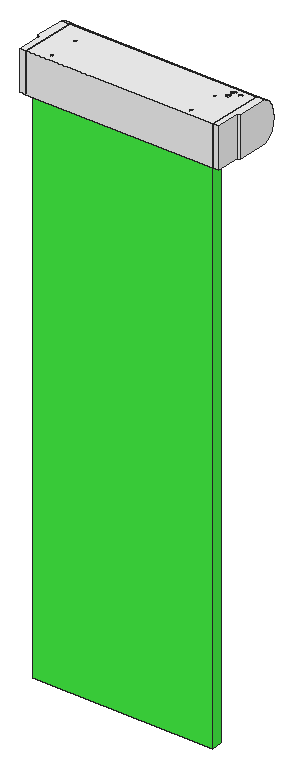
Revit family "Thermoscreens_AirCurtain_PHV1000NT", category Mechanical Equipment, Revit 2015
Parameters (values of type "PHV1000W NT 82/71")
  Weight (kg) = "35"
  WaterContent = "n/a"
  WarrantyStartDate(default) = "from date sold"
  WarrantyGuarantorParts = "2 years"
  WarrantyGuarantorLabour = "2years"
  WarrantyDurationParts = "2years"
  WarrantyDurationLabour = "2 years"
  WarrantyDescription = "unit fully covered for 2 years"
  Version = 1 mm
  UsageCurrent = "1.3"
  UnitWidth = 233.4 mm
  UnitLength = 1104 mm
  Uniclass2 = "G52HVAC"
  URL = "http://www.thermoscreens.com/"
  Type Comments = "0.0"
  TubingLength = 0 mm
  ThermalMassHeatCapacity = "0.0"
  ThermalEfficiency = 0 mm
  TempertureClassification = "Low Temperature"
  TagNumber(default) = "n/a"
  SustainabilityPerformance = "n/a"
  Supply(50Hz) = "230V~1P&N"
  Status = "New"
  Size = "1196 x 377x 225"
  Shape = "n/a"
  ServiceLifeType = "n/a"
  ServiceLifeDuration = "2 years"
  SerialNumber(default) = "n/a"
  RightHandAssembly = no
  ReferenceStandard = "n/a"
  Reference = "n/a"
  RatedVoltage = "230v 1Phase+N"
  RatedCurrent = 0 mm
  ProductionYear = "2015"
  Product URL = "http://www.thermoscreens.com/our-product-range/phv-range"
  Process = "n/a"
  PowerFactor = 0 mm
  PlacementType = 0 mm
  ReplacementCost = "n/a"
  PhaseReference = "L1 L2 L3+N+E"
  PhaseAngle = 0 mm
  OutputCapacity = "12"
  NumberOfSections = 0 mm
  NumberOfPoles = 0 mm
  NumberOfPanels = 0 mm
  NominalWidth = "2255mm"
  NominalVoltage = "0.0"
  NominalLength = "1250mm"
  NominalHeight = "377mm"
  NominalFrequencyRange = 0 mm
  NominalCurrent = "+5% of 230v"
  NBSTypeID = "n/a"
  NBSReference = "n/a"
  NBSNote = "n/a"
  NBSDecription = "Surface mouted air curtain"
  MountingHeight = 3000 mm
  ModelReference = "T1000W NT 60/40"
  ModelLable = "n/a"
  Model = "T1000W NT 60/40"
  MinToMaxOffsetFromFloor = "up to 3meters"
  MethodOfMeasurement = "mm"
  MaxiumMountingHeight = 3000 mm
  Max.Velocity(m/s) = "11"
  Max.AirVolume(m3/h) = "2630"
  Material = "20 gauge sheet steel"
  ManufacturerURL = "http://www.thermoscreens.com/"
  Manufacturer = "Thermoscreens LTD"
  Loading(A)*PerPhase = "1.3"
  LifeCyclePhase = "n/a"
  LeftHandAssembly = yes
  Keynote = "n/a"
  IssueDate = "01/04/2015"
  InsulationStandardClass = "0.0"
  InstallationDate(default) = "n/a"
  IfcExportType = "n/a"
  IfcExportAs = "n/a"
  IP_Code = "IP21"
  Help = "http://www.thermoscreens.com/contact-us"
  HeatTransferMedium = "n/a"
  HeatTransferDimension = "n/a"
  Heat source = "Electric heated elements or low pressure hot water coils"
  HeatOutput(kW) = "12"
  HasProtectiveEarth = "True"
  Grade = "n/a"
  Finish = "Corrision resistant pre-finished 20 gauge sheet steel"
  Filters(optional) = "PS media"
  Features = "n/a"
  Fans = "100mm forward curved metal bladed crossflow impellers"
  EnergySource = 0 mm
  ElectrialDeviceNominalPower = "12(kW)"
  Documentation = "n/a"
  DocumentReference = "n/a"
  Description = "Thermoscreens T range of air curtains will provide climate separation and available in standard widths of 1, 1.5 and 2m.  Models available are ambient (without heating), electrical or water heated versions. Water heated (LPHW) versions are available with 2 and 3 row coils. Motorised three port valves are supplied as standard with all LPHW models. Electrical and LPHW models are supplied complete with Ecopower control."
  Author = "Thermoscreens ltd"
  Coulor = "RAL standard 9010 (white) this can be changed upon request of the customer"
  Cost = 0
  Constituents = "n/a"
  Connections = "Electrial supply inlet"
  ConductorFunction = "0.0"
  Color = "As standered white but this can be changed to the ordered color."
  CodePerformance = "n/a"
  CenterY = UnitWidth / 2  # 116.7 mm
  CenterX = UnitLength / 2  # 552 mm
  BodyMass(kg) = 35 mm
  BarCode(default) = "n/a"
  BIMObjectName = "Thermoscreens_AirCurtain_PHV82/71_1000NT"
  AssetIdentifier(default) = "n/a"
  Assembly Code = "0.0"
  AirFlowDirection = yes
  Air flow = yes
  AccessibilityPerformance = "n/a"
  **dB(A) @3m Med = "57"
  **dB(A) @3m Low = "56"
  **dB(A)@3mHigh = "59"
Types (5, lengths in mm): name | Weight (kg) | UsageCurrent | UnitLength | TubingLength | Supply(50Hz) | Size | RatedVoltage | RatedCurrent | OutputCapacity | NominalWidth | NominalLength | NominalHeight | NominalCurrent | ModelReference | Model | Max.Velocity(m/s) | Max.AirVolume(m3/h) | Loading(A)*PerPhase | IssueDate | Heat source | HeatOutput(kW) | ElectrialDeviceNominalPower | CenterX | BodyMass(kg) | BIMObjectName | Assembly Code | **dB(A) @3m Med | **dB(A) @3m Low | **dB(A)@3mHigh
  (no name) | "35" | "1.3" | 1104 | 0 | "230V~1P&N" | "1196 x 377x 225" | "230v 1Phase+N" | 0 | "12" | "2255mm" | "1250mm" | "377mm" | "+5% of 230v" | "T1000W NT 60/40" | "T1000W NT 60/40" | "11" | "2630" | "1.3" | "01/04/2015" | "Electric heated elements or low pressure hot water coils" | "12" | "12(kW)" | 552 | 35 | "Thermoscreens_AirCurtain_PHV82/71_1000NT" | "0.0" | "57" | "56" | "59"
  PHV1000E NT | "32" | "18.7" | 1059 | 87 | "400V~3P&N" | "1196 x 377 x 275" | "400v 3Phase+N" | 13.7 | "6/9" | "225mm" | "1196mm" | "377mm" | "+5% of 400v" | "PHV1000E NT" | "PHV1000E NT" | "12" | "2880" | "18.7" | "01/04/15" | "Electric heated elements or low pressure hot water coils" | "6/12" | "6/12(kW)" | 529.5 | 37 | "Thermoscreens_AirCurtain_PHV1000ENT" | "0.0" | "57" | "56" | "59"
  PHV1000A NT | "29" | "1.3" | 1059 | 0 | "230V~1P&N" | "1196 x 377 x 275" | "230v 1Phase+N" | 0.7 | "n/a" | "198mm" | "1137mm" | "275mm" | "+5% of 230v" | "PHV1000A NT" | "PHV1000A NT" | "12" | "2880" | "1.3" | "26/03/15" | "n/a" | "n/a" | "n/a" | 529.5 | 29 | "Thermoscreens_AirCurtain_PHV1000ANT" | "n/a" | "57" | "56" | "59"
  PHV1000W NT 60/40 | "35" | "1.3" | 1104 | 0 | "230V~1P&N" | "1196 x 377x 225" | "230v 1Phase+N" | 0 | "12" | "2255mm" | "1250mm" | "377mm" | "+5% of 230v" | "T1000W NT 60/40" | "T1000W NT 60/40" | "10.5" | "2370" | "1.3" | "01/04/2015" | "Electric heated elements or low pressure hot water coils" | "12" | "12(kW)" | 552 | 35 | "Thermoscreens_AirCurtain_PHV60/40_1000NT" | "0.0" | "55" | "54" | "56"
  PHV1000W NT 82/71 | "35" | "1.3" | 1104 | 0 | "230V~1P&N" | "1196 x 377x 225" | "230v 1Phase+N" | 0 | "12" | "2255mm" | "1250mm" | "377mm" | "+5% of 230v" | "T1000W NT 60/40" | "T1000W NT 60/40" | "11" | "2630" | "1.3" | "01/04/2015" | "Electric heated elements or low pressure hot water coils" | "12" | "12(kW)" | 552 | 35 | "Thermoscreens_AirCurtain_PHV82/71_1000NT" | "0.0" | "57" | "56" | "59"
Reference planes
  plane 1 "Center (Front/Back)": y = 0
  plane 2: z = 3000
  plane 3 "Center (Left/Right)": x = 0
Forms (mm)
  Extrusion 1, solid, material "Default"
    sketch origin (0, 0, 3000) x (1, 0, 0) y (0, 1, 0)
      loop
        line (552, -116.7) -> (552, 200.3) -> (-552, 200.3) -> (-552, -116.7) -> (552, -116.7)
    from 0 to 1.2
  Extrusion 2, solid, material "Default"
    sketch origin (552, -116.7, 3000) x (-1, 0, 0) y (0, 0, -1)
      loop
        line (1104, 0) -> (0, 0) -> (0, -225) -> (1104, -225) -> (1104, 0)
    from 0 to -1.2
  Extrusion 3, solid, material "Default"
    sketch origin (-550.698, 116.7, 3198) x (0, -1, 0) y (1, 0, 0)
      loop
        line (233.4, -1.302) -> (233.4, 1102.698) -> (-83.6, 1102.698) -> (-83.6, -1.302) -> (233.4, -1.302)
    from 27 to 26.1
  Extrusion 4, void
    sketch origin (-502.5, -115.9, 3000) x (-1, 0, 0) y (0, -1, 0)
      loop
        line (-3.4, -81.2) -> (-3.4, -21.2) -> (-1034.5, -21.2) -> (-1034.5, -81.2) -> (-3.4, -81.2)
    from 0 to 20
  Extrusion 5, solid, material "Default"
    sketch origin (552, -116.7, 3225) x (0, 0, -1) y (0, 1, 0)
      loop
        line (0, 317) -> (225, 317) -> (207.5, 347.311)
        arc (207.5, 347.311) -> (112.5, 377) -> (17.5, 347.311) r 166.836
        line (17.5, 347.311) -> (0, 317)
    from 0 to -1071.1
  Extrusion 6, solid, material "Default"
    sketch origin (552, -116.7, 3225) x (0, 0, -1) y (0, 1, 0)
      loop
        line (0, 0) -> (225, 0) -> (225, 317) -> (207.5, 347.311)
        arc (207.5, 347.311) -> (112.5, 377) -> (17.5, 347.311) r 166.836
        line (17.5, 347.311) -> (0, 317) -> (0, 0)
    from 0 to 32
  Extrusion 7, solid, material "Default"
    sketch origin (584, -116.7, 3225) x (0, 0, -1) y (0, 1, 0)
      loop
        line (0, 130) -> (225, 130) -> (225, 317) -> (207.5, 347.311)
        arc (207.5, 347.311) -> (112.5, 377) -> (17.5, 347.311) r 166.836
        line (17.5, 347.311) -> (0, 317) -> (0, 130)
    from 0 to 14
  Extrusion 8, solid, material "Default"
    sketch origin (-551.1, -116.7, 3000) x (0, 0, -1) y (0, 1, 0)
      loop
        line (-225, 317) -> (-225, 0) -> (0, 0) -> (0, 317) -> (-17.5, 347.311)
        arc (-17.5, 347.311) -> (-112.5, 377) -> (-207.5, 347.311) r 166.836
        line (-207.5, 347.311) -> (-225, 317)
    from 0 to 32
  Extrusion 9, solid, material "Default"
    sketch origin (-552, -116.7, 3000) x (0, 0, 1) y (0, 1, 0)
      loop
        line (225, 130) -> (225, 317) -> (207.5, 347.311)
        arc (207.5, 347.311) -> (112.5, 377) -> (17.5, 347.311) r 166.836
        line (17.5, 347.311) -> (0, 317) -> (0, 130) -> (225, 130)
    from -0.9 to 14
  Extrusion 10, solid, material "Default New Material"
    sketch origin (-552, -116.7, 3000) x (0, -1, 0) y (-1, 0, 0)
      loop
        line (-22, -1084) -> (-22, -52.9) -> (-82, -52.9) -> (-82, -1084) -> (-22, -1084)
    from 0 to 3000
  Extrusion 11, void
    sketch origin (-552, -116.7, 3225) x (0, 1, 0) y (1, 0, 0)
      loop
        circle (36, 152) r 5
      loop
        circle (204, 152) r 5
      loop
        circle (36, 952) r 5
      loop
        circle (204, 952) r 5
    from 0 to 0.9
  Extrusion 12, void
    sketch origin (-552, -116.7, 3225) x (0, 1, 0) y (1, 0, 0)
      loop
        circle (280, 1000) r 12.5
      loop
        circle (242, 1000) r 12.5
      loop
        circle (280, 1040) r 7.5
    from 0 to 0.9
  Extrusion 13, void
    sketch origin (-552, -116.7, 3225) x (-1, 0, 0) y (0, 1, 0)
      loop
        line (-0.9, 130) -> (14, 130) -> (14, 144) -> (-0.9, 130)
      loop
        line (-1150.9, 130) -> (-1136, 130) -> (-1150.9, 144.9) -> (-1150.9, 130)
    from 0 to 250
Cuts and joins
  Extrusion 11 cuts Extrusion 10
  Extrusion 13 cuts Extrusion 6
  Extrusion 13 cuts Extrusion 7
  joined: Extrusion 6, Extrusion 7
  Extrusion 4, Extrusion 11, Extrusion 12 cuts Extrusion 1
  Extrusion 4, Extrusion 11, Extrusion 12 cuts Extrusion 2
  Extrusion 4, Extrusion 11, Extrusion 12 cuts Extrusion 3
  Extrusion 13 cuts Extrusion 9
  joined: Extrusion 1, Extrusion 2, Extrusion 3, Extrusion 8, Extrusion 9
Lines and regions (mm)
  model lines, visible <- "AirFlowDirection", detail levels fine
    curve 1: line (0, -81.532, 2990) -> (0, -79.505, 2990)
    curve 2: line (0, -79.505, 2990) -> (0, -79.505, 2980)
    curve 3: line (0, -79.505, 2980) -> (0, -77.505, 2980)
    curve 4: line (0, -81.532, 2990) -> (0, -81.532, 2980)
    curve 5: line (0, -81.532, 2980) -> (0, -83.532, 2980)
    curve 6: line (0, -80.5, 2973) -> (0, -83.532, 2980)
    curve 7: line (0, -80.5, 2973) -> (0, -77.505, 2980)
Dimensions and locks
  "CenterY": plane 1 "Center (Front/Back)" to Extrusion 1 sketch curve
  aligned and locked: level to plane 2
Automatic sketch dimensions
  plane 1 "Center (Front/Back)" to curve 6 = 83.532 mm
  curve 5 to curve 4 = 2 mm
  curve 4 to curve 3 = 2.027 mm
  curve 4 to curve 2 = 0 mm
  curve 2 to curve 2 = 10 mm
  curve 7 to level = 20 mm
  curve 2 to curve 7 = 2 mm
  curve 6 to level = 27 mm
  curve 6 to curve 2 = 0.995 mm
  Extrusion 2 sketch curve to Extrusion 1 = 0 mm  (x3)
  Extrusion 2 sketch curve to Extrusion 1 = 223.8 mm
  Extrusion 3 sketch curve to plane 1 "Center (Front/Back)" = 200.3 mm
  plane 1 "Center (Front/Back)" to Extrusion 3 sketch curve = 116.7 mm
  Extrusion 3 sketch curve to plane 3 "Center (Left/Right)" = 552 mm
  plane 3 "Center (Left/Right)" to Extrusion 3 sketch curve = 552 mm
  Extrusion 1 sketch curve to plane 1 "Center (Front/Back)" = 200.3 mm
  plane 3 "Center (Left/Right)" to Extrusion 1 sketch curve = 552 mm
  Extrusion 1 sketch curve to plane 3 "Center (Left/Right)" = 552 mm
  Extrusion 7 sketch curve to Extrusion 6 = 0 mm  (x4)
  Extrusion 6 to Extrusion 7 sketch curve = 0 mm  (x2)
  Extrusion 7 sketch curve to Extrusion 6 = 130 mm
  Extrusion 2 to Extrusion 4 sketch curve = 20 mm
  Extrusion 2 to Extrusion 4 sketch curve = 52.9 mm
  Extrusion 4 sketch curve to Extrusion 4 sketch curve = 60 mm
  Extrusion 2 to Extrusion 10 sketch curve = 20.8 mm
  Extrusion 2 to Extrusion 10 sketch curve = 20 mm
  Extrusion 10 sketch curve to Extrusion 10 sketch curve = 60 mm
  Extrusion 2 to Extrusion 10 sketch curve = 52.9 mm
  Extrusion 11 sketch curve to Extrusion 2 = 152 mm  (x2)
  Extrusion 11 sketch curve to Extrusion 2 = 34.8 mm  (x2)
  Extrusion 2 to Extrusion 11 sketch curve = 152 mm  (x2)
  Extrusion 11 sketch curve to Extrusion 11 sketch curve = 168 mm  (x2)
  Extrusion 2 to Extrusion 12 sketch curve = 104 mm
  Extrusion 12 sketch curve to Extrusion 2 = 240.8 mm
  Extrusion 12 sketch curve to Extrusion 12 sketch curve = 38 mm  (x2)
  Extrusion 12 sketch curve to Extrusion 12 sketch curve = 40 mm
  Extrusion 12 sketch curve to Extrusion 12 sketch curve = 0 mm
  Extrusion 2 to Extrusion 4 sketch curve = 80.8 mm
  Extrusion 5 sketch curve to level = 0 mm
  level to Extrusion 5 sketch curve = 17.5 mm
  level to Extrusion 5 sketch curve = 112.5 mm
  Extrusion 5 sketch curve to Extrusion 5 sketch curve = 95 mm
  Extrusion 5 sketch curve to Extrusion 5 sketch curve = 17.5 mm
  Extrusion 5 sketch curve to plane 1 "Center (Front/Back)" = 93.464 mm
  Extrusion 5 sketch curve to Extrusion 5 sketch curve = 106.836 mm
  Extrusion 5 sketch curve to Extrusion 5 sketch curve = 30.311 mm
  Extrusion 6 sketch curve to level = 0 mm
  level to Extrusion 6 sketch curve = 17.5 mm
  Extrusion 6 sketch curve to plane 1 "Center (Front/Back)" = 93.464 mm
  level to Extrusion 6 sketch curve = 112.5 mm
  Extrusion 6 sketch curve to Extrusion 6 sketch curve = 95 mm
  level to Extrusion 6 sketch curve = 225 mm
  plane 1 "Center (Front/Back)" to Extrusion 6 sketch curve = 116.7 mm
  Extrusion 6 sketch curve to Extrusion 6 sketch curve = 106.836 mm  (x2)
  Extrusion 6 sketch curve to Extrusion 6 sketch curve = 30.311 mm
  Extrusion 8 sketch curve to level = 0 mm
  level to Extrusion 8 sketch curve = 17.5 mm
  level to Extrusion 8 sketch curve = 112.5 mm
  Extrusion 8 sketch curve to Extrusion 8 sketch curve = 95 mm
  Extrusion 8 sketch curve to Extrusion 8 sketch curve = 17.5 mm
  plane 1 "Center (Front/Back)" to Extrusion 8 sketch curve = 116.7 mm
  Extrusion 8 sketch curve to plane 1 "Center (Front/Back)" = 93.464 mm
  Extrusion 8 sketch curve to Extrusion 8 sketch curve = 106.836 mm  (x2)
  Extrusion 8 sketch curve to Extrusion 8 sketch curve = 30.311 mm
  Extrusion 9 sketch curve to level = 0 mm
  level to Extrusion 9 sketch curve = 17.5 mm
  Extrusion 9 sketch curve to plane 1 "Center (Front/Back)" = 93.464 mm
  level to Extrusion 9 sketch curve = 112.5 mm
  Extrusion 9 sketch curve to Extrusion 9 sketch curve = 95 mm
  Extrusion 9 sketch curve to Extrusion 9 sketch curve = 17.5 mm
  Extrusion 9 sketch curve to plane 1 "Center (Front/Back)" = 13.3 mm
  Extrusion 9 sketch curve to Extrusion 9 sketch curve = 106.836 mm  (x2)
  Extrusion 9 sketch curve to Extrusion 9 sketch curve = 30.311 mm
  Extrusion 9 to Extrusion 13 sketch curve = 0 mm
  Extrusion 13 sketch curve to Extrusion 9 = 0 mm  (x3)
  Extrusion 13 sketch curve to Extrusion 9 = 1135.1 mm
  Extrusion 13 sketch curve to Extrusion 13 sketch curve = 14.9 mm
  Extrusion 9 to Extrusion 13 sketch curve = 14 mm
  Extrusion 9 to Extrusion 13 sketch curve = 14.9 mm
  radius of Extrusion 7 sketch curve to Extrusion 6 = 0 mm
  radius of Extrusion 11 sketch curve = 5 mm  (x4)
  radius of Extrusion 12 sketch curve = 12.5 mm  (x2)
  radius of Extrusion 12 sketch curve = 7.5 mm
Connectors
  piping at (-400, -80.7, 3225), diameter 10
    settings: on cut or joined group 1 (Extrusion 1, Extrusion 2, Extrusion 3, Extrusion 4, Extrusion 8, Extrusion 9, Extrusion 11, Extrusion 12, Extrusion 13), index 1, connector inside diameter 609.6 mm, connector length 0 mm, flow factor 0, pipe flow 0.0 L/s, pressure drop 0.0 Pa, fitting loss kfactor 0, connector angle 0.00°, fixture units 0, engagement length 0 mm, angle of deflection 0.00°, flow configuration 0, flow direction 0, fitting loss method 0, system type 28, joint type 0, gender type 0, connector reference index -1, connector utility 0, adjustable connector no, is connector primary yes, connector description ""
  piping at (-400, 87.3, 3225), diameter 10
    settings: on cut or joined group 1, index 2, connector inside diameter 609.6 mm, connector length 0 mm, flow factor 0, pipe flow 0.0 L/s, pressure drop 0.0 Pa, fitting loss kfactor 0, connector angle 0.00°, fixture units 0, engagement length 0 mm, angle of deflection 0.00°, flow configuration 0, flow direction 0, fitting loss method 0, system type 28, joint type 0, gender type 0, connector reference index -1, connector utility 0, adjustable connector no, is connector primary no, connector description ""
  piping at (400, -80.7, 3225), diameter 10
    settings: on cut or joined group 1, index 3, connector inside diameter 609.6 mm, connector length 0 mm, flow factor 0, pipe flow 0.0 L/s, pressure drop 0.0 Pa, fitting loss kfactor 0, connector angle 0.00°, fixture units 0, engagement length 0 mm, angle of deflection 0.00°, flow configuration 0, flow direction 0, fitting loss method 0, system type 28, joint type 0, gender type 0, connector reference index -1, connector utility 0, adjustable connector no, is connector primary no, connector description ""
  piping at (400, 87.3, 3225), diameter 10
    settings: on cut or joined group 1, index 4, connector inside diameter 609.6 mm, connector length 0 mm, flow factor 0, pipe flow 0.0 L/s, pressure drop 0.0 Pa, fitting loss kfactor 0, connector angle 0.00°, fixture units 0, engagement length 0 mm, angle of deflection 0.00°, flow configuration 0, flow direction 0, fitting loss method 0, system type 28, joint type 0, gender type 0, connector reference index -1, connector utility 0, adjustable connector no, is connector primary no, connector description ""
  piping at (448, 125.3, 3225), diameter 25
    settings: on cut or joined group 1, index 5, connector inside diameter 609.6 mm, connector length 0 mm, flow factor 0, pipe flow 0.0 L/s, pressure drop 0.0 Pa, fitting loss kfactor 0, connector angle 0.00°, fixture units 0, engagement length 0 mm, angle of deflection 0.00°, flow configuration 0, flow direction 2, fitting loss method 4, system type 20, joint type 0, gender type 0, connector reference index -1, connector utility 0, adjustable connector no, is connector primary no, connector description ""
  piping at (448, 163.3, 3225), diameter 25
    settings: on cut or joined group 1, index 6, connector inside diameter 609.6 mm, connector length 0 mm, flow factor 0, pipe flow 0.0 L/s, pressure drop 0.0 Pa, fitting loss kfactor 0, connector angle 0.00°, fixture units 0, engagement length 0 mm, angle of deflection 0.00°, flow configuration 0, flow direction 1, fitting loss method 4, system type 19, joint type 0, gender type 0, connector reference index -1, connector utility 0, adjustable connector no, is connector primary no, connector description ""
